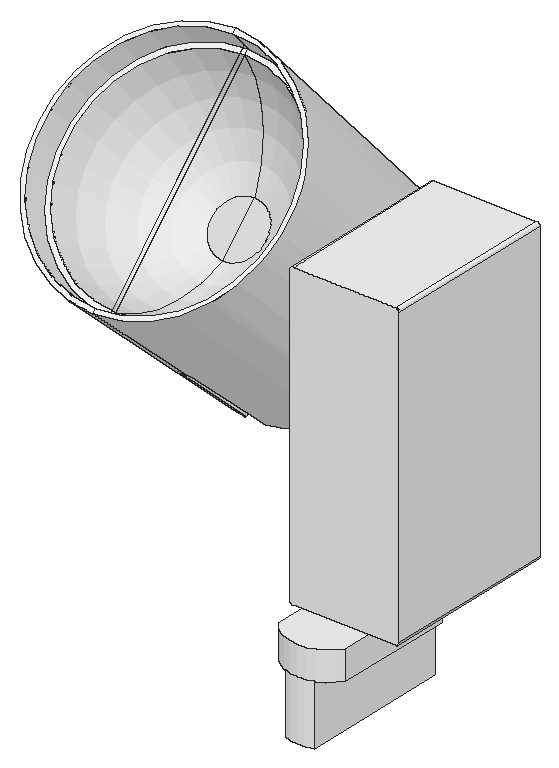
Revit family "0004937 Feilo Sylvania Lighting Fixture START TRACK SPOT L DALI 4897LM 940 MB WHT", category Lighting Fixtures, host Face, Revit 2017 (continued)
Definition of nested family "Start Track Spot Head"
  Types (96, lengths in mm): name | Wattage | built-in parameter 1150134 | Photometric Web File | Model | built-in parameter 1150105 | Lumens | built-in parameter 1150107 | built-in parameter 1150106 | HeadThickness_FEILO | HeadRibOffset_FEILO | HeadRibDepth_FEILO | HeadRibCutWidth_FEILO | HeadRibCutOffset_FEILO | HeadReflectorRadius_FEILO | HeadReflectorOffset_FEILO | HeadLEDRadius_FEILO | HeadHeight_FEILO | HeadDiffusorOffset_FEILO | HeadDiaOut_FEILO | HeadDiaIn_FEILO | HeadAxisFromTop_FEILO | Emit from Circle Diameter | built-in parameter 1150104 | Description | Apparent Load
    0004864 START TRACK SPOT S 24W 3K RA90 WB WHITE | 24 W | (empty or 0) | "0004864.ies" | "START TRACK SPOT S 24W 3K RA90 WB WHITE" | 152.79 (stored number, unit not read) | 1920 lm | 3000 (stored number, unit not read) | 1.5279 (stored number, unit not read) | 1.5 | 4.179 | 55.714 | 7.167 | 50.87 | 50.588 | 55.714 | 9.556 | 117 | 9.435 | 86 | 77.477 | 69.354 | 77.477 | 7.4322 (stored number, unit not read) | "Integrated LED spotlight, Textured White - RAL9016, compact and minimalist design, ideal for retail applications, die-cast aluminium body, passive cooling heatsink. Beam angle: 64°, color temperature: 3000K , total system power: 24W, total fixture output: 1928 lm, LOR: 100%, colour rendering: Ra: 90 typical, LED Chromaticity: 3 step MacAdam ellipse, lifetime: >50000 hours at L70B50, energy class: A++, A+, A, IR/UV free light source without heat radiation, operating voltage: 220-240V / 50-60Hz, drive current: 600mA, electronic driver, non-dimmable, power factor: 0.95, electrical protection: Class II, Global Track 3 Phase adapter suitable for Global trac 3-circuit tracks, ingress protection rating: IP20, suitable for internal environment only, horizontal rotation: 355°, vertical tilt: 90°, dimensions: Ø86x140x200, weight: 0.966kg." | 24 VA
    0004863 START TRACK SPOT S 24W 3K RA90 MB WHITE | 24 W | (empty or 0) | "0004863.ies" | "START TRACK SPOT S 24W 3K RA90 MB WHITE" | 154.7 (stored number, unit not read) | 1944 lm | 3000 (stored number, unit not read) | 1.547 (stored number, unit not read) | 1.5 | 4.179 | 55.714 | 7.167 | 50.87 | 50.588 | 55.714 | 9.556 | 117 | 9.435 | 86 | 77.477 | 69.354 | 77.477 | 7.5251 (stored number, unit not read) | "Integrated LED spotlight, Textured White - RAL9016, compact and minimalist design, ideal for retail applications, die-cast aluminium body, passive cooling heatsink. Beam angle: 36°, color temperature: 3000K , total system power: 24W, total fixture output: 1944 lm, LOR: 100%, colour rendering: Ra: 90 typical, LED Chromaticity: 3 step MacAdam ellipse, lifetime: >50000 hours at L70B50, energy class: A++, A+, A, IR/UV free light source without heat radiation, operating voltage: 220-240V / 50-60Hz, drive current: 600mA, electronic driver, non-dimmable, power factor: 0.95, electrical protection: Class II, Global Track 3 Phase adapter suitable for Global trac 3-circuit tracks, ingress protection rating: IP20, suitable for internal environment only, horizontal rotation: 355°, vertical tilt: 90°, dimensions: Ø86x140x200, weight: 0.966kg." | 24 VA
    0004862 START TRACK SPOT S 24W 3K RA90 NB WHITE | 24 W | (empty or 0) | "0004862.ies" | "START TRACK SPOT S 24W 3K RA90 NB WHITE" | 158.52 (stored number, unit not read) | 1992 lm | 3000 (stored number, unit not read) | 1.5852 (stored number, unit not read) | 1.5 | 4.179 | 55.714 | 7.167 | 50.87 | 50.588 | 55.714 | 9.556 | 117 | 9.435 | 86 | 77.477 | 69.354 | 77.477 | 7.711 (stored number, unit not read) | "Integrated LED spotlight, Textured White - RAL9016, compact and minimalist design, ideal for retail applications, die-cast aluminium body, passive cooling heatsink. Beam angle: 12°, color temperature: 3000K , total system power: 24W, total fixture output: 1987 lm, LOR: 100%, colour rendering: Ra: 90 typical, LED Chromaticity: 3 step MacAdam ellipse, lifetime: >50000 hours at L70B50, energy class: A++, A+, A, IR/UV free light source without heat radiation, operating voltage: 220-240V / 50-60Hz, drive current: 600mA, electronic driver, non-dimmable, power factor: 0.95, electrical protection: Class II, Global Track 3 Phase adapter suitable for Global trac 3-circuit tracks, ingress protection rating: IP20, suitable for internal environment only, horizontal rotation: 355°, vertical tilt: 90°, dimensions: Ø86x140x200, weight: 0.966kg." | 24 VA
    0004861 START TRACK SPOT S 14W 3K RA90 WB WHITE | 14 W | (empty or 0) | "0004861.ies" | "START TRACK SPOT S 14W 3K RA90 WB WHITE" | 100.27 (stored number, unit not read) | 1260 lm | 3000 (stored number, unit not read) | 1.0027 (stored number, unit not read) | 1.5 | 4.179 | 55.714 | 7.167 | 50.87 | 50.588 | 55.714 | 9.556 | 117 | 9.435 | 86 | 77.477 | 69.354 | 77.477 | 8.3613 (stored number, unit not read) | "Integrated LED spotlight, Textured White - RAL9016, compact and minimalist design, ideal for retail applications, die-cast aluminium body, passive cooling heatsink. Beam angle: 64°, color temperature: 3000K , total system power: 14W, total fixture output: 1262 lm, LOR: 100%, colour rendering: Ra: 90 typical, LED Chromaticity: 3 step MacAdam ellipse, lifetime: >50000 hours at L70B50, energy class: A++, A+, A, IR/UV free light source without heat radiation, operating voltage: 220-240V / 50-60Hz, drive current: 350mA, electronic driver, non-dimmable, power factor: 0.92, electrical protection: Class II, Global Track 3 Phase adapter suitable for Global trac 3-circuit tracks, ingress protection rating: IP20, suitable for internal environment only, horizontal rotation: 355°, vertical tilt: 90°, dimensions: Ø86x140x200, weight: 0.940kg." | 14 VA
    0004860 START TRACK SPOT S 14W 3K RA90 MB WHITE | 14 W | (empty or 0) | "0004860.ies" | "START TRACK SPOT S 14W 3K RA90 MB WHITE" | 100.27 (stored number, unit not read) | 1260 lm | 3000 (stored number, unit not read) | 1.0027 (stored number, unit not read) | 1.5 | 4.179 | 55.714 | 7.167 | 50.87 | 50.588 | 55.714 | 9.556 | 117 | 9.435 | 86 | 77.477 | 69.354 | 77.477 | 8.3613 (stored number, unit not read) | "Integrated LED spotlight, Textured White - RAL9016, compact and minimalist design, ideal for retail applications, die-cast aluminium body, passive cooling heatsink. Beam angle: 36°, color temperature: 3000K , total system power: 14W, total fixture output: 1262 lm, LOR: 100%, colour rendering: Ra: 90 typical, LED Chromaticity: 3 step MacAdam ellipse, lifetime: >50000 hours at L70B50, energy class: A++, A+, A, IR/UV free light source without heat radiation, operating voltage: 220-240V / 50-60Hz, drive current: 350mA, electronic driver, non-dimmable, power factor: 0.92, electrical protection: Class II, Global Track 3 Phase adapter suitable for Global trac 3-circuit tracks, ingress protection rating: IP20, suitable for internal environment only, horizontal rotation: 355°, vertical tilt: 90°, dimensions: Ø86x140x200, weight: 0.940kg." | 14 VA
    0004859 START TRACK SPOT S 14W 3K RA90 NB WHITE | 14 W | (empty or 0) | "0004859.ies" | "START TRACK SPOT S 14W 3K RA90 NB WHITE" | 102.5 (stored number, unit not read) | 1288 lm | 3000 (stored number, unit not read) | 1.025 (stored number, unit not read) | 1.5 | 4.179 | 55.714 | 7.167 | 50.87 | 50.588 | 55.714 | 9.556 | 117 | 9.435 | 86 | 77.477 | 69.354 | 77.477 | 8.5471 (stored number, unit not read) | "Integrated LED spotlight, Textured White - RAL9016, compact and minimalist design, ideal for retail applications, die-cast aluminium body, passive cooling heatsink. Beam angle: 12°, color temperature: 3000K , total system power: 14W, total fixture output: 1284 lm, LOR: 100%, colour rendering: Ra: 90 typical, LED Chromaticity: 3 step MacAdam ellipse, lifetime: >50000 hours at L70B50, energy class: A++, A+, A, IR/UV free light source without heat radiation, operating voltage: 220-240V / 50-60Hz, drive current: 350mA, electronic driver, non-dimmable, power factor: 0.92, electrical protection: Class II, Global Track 3 Phase adapter suitable for Global trac 3-circuit tracks, ingress protection rating: IP20, suitable for internal environment only, horizontal rotation: 355°, vertical tilt: 90°, dimensions: Ø86x140x200, weight: 0.940kg." | 14 VA
    0004858 START TRACK SPOT L 55W 4K RA80 WB BLACK | 55 W | 12 | "0004858.ies" | "START TRACK SPOT L 55W 4K RA80 WB BLACK" | 424.55 (stored number, unit not read) | 5335 lm | 4000 (stored number, unit not read) | 4.2455 (stored number, unit not read) | 2 | 4.429 | 59.048 | 9.417 | 53.913 | 66.471 | 59.048 | 12.556 | 124 | 10 | 113 | 101.802 | 73.503 | 101.802 | 9.0116 (stored number, unit not read) | "Integrated LED spotlight, Textured Black - RAL9005, compact and minimalist design, ideal for retail applications, die-cast aluminium body, passive cooling heatsink. Beam angle: 52°, color temperature: 4000K , total system power: 55W, total fixture output: 5320 lm, LOR: 100%, colour rendering: Ra: 80 typical, LED Chromaticity: 3 step MacAdam ellipse, lifetime: >50000 hours at L70B50, energy class: A++, A+, A, IR/UV free light source without heat radiation, operating voltage: 220-240V / 50-60Hz, drive current: 1400mA, electronic driver, non-dimmable, power factor: 0.96, electrical protection: Class II, Global Track 3 Phase adapter suitable for Global trac 3-circuit tracks, ingress protection rating: IP20, suitable for internal environment only, horizontal rotation: 355°, vertical tilt: 90°, dimensions: Ø113x164x240, weight: 1.398kg." | 55 VA
    0004857 START TRACK SPOT L 55W 4K RA80 MB BLACK | 55 W | 12 | "0004857.ies" | "START TRACK SPOT L 55W 4K RA80 MB BLACK" | 428.92 (stored number, unit not read) | 5390 lm | 4000 (stored number, unit not read) | 4.2892 (stored number, unit not read) | 2 | 4.429 | 59.048 | 9.417 | 53.913 | 66.471 | 59.048 | 12.556 | 124 | 10 | 113 | 101.802 | 73.503 | 101.802 | 9.1045 (stored number, unit not read) | "Integrated LED spotlight, Textured Black - RAL9005, compact and minimalist design, ideal for retail applications, die-cast aluminium body, passive cooling heatsink. Beam angle: 38°, color temperature: 4000K , total system power: 55W, total fixture output: 5378 lm, LOR: 100%, colour rendering: Ra: 80 typical, LED Chromaticity: 3 step MacAdam ellipse, lifetime: >50000 hours at L70B50, energy class: A++, A+, A, IR/UV free light source without heat radiation, operating voltage: 220-240V / 50-60Hz, drive current: 1400mA, electronic driver, non-dimmable, power factor: 0.96, electrical protection: Class II, Global Track 3 Phase adapter suitable for Global trac 3-circuit tracks, ingress protection rating: IP20, suitable for internal environment only, horizontal rotation: 355°, vertical tilt: 90°, dimensions: Ø113x164x240, weight: 1.398kg." | 55 VA
    0004856 START TRACK SPOT L 55W 4K RA80 NB BLACK | 55 W | 12 | "0004856.ies" | "START TRACK SPOT L 55W 4K RA80 NB BLACK" | 433.3 (stored number, unit not read) | 5445 lm | 4000 (stored number, unit not read) | 4.333 (stored number, unit not read) | 2 | 4.429 | 59.048 | 9.417 | 53.913 | 66.471 | 59.048 | 12.556 | 124 | 10 | 113 | 101.802 | 73.503 | 101.802 | 9.1974 (stored number, unit not read) | "Integrated LED spotlight, Textured Black - RAL9005, compact and minimalist design, ideal for retail applications, die-cast aluminium body, passive cooling heatsink. Beam angle: 15°, color temperature: 4000K , total system power: 55W, total fixture output: 5426 lm, LOR: 100%, colour rendering: Ra: 80 typical, LED Chromaticity: 3 step MacAdam ellipse, lifetime: >50000 hours at L70B50, energy class: A++, A+, A, IR/UV free light source without heat radiation, operating voltage: 220-240V / 50-60Hz, drive current: 1400mA, electronic driver, non-dimmable, power factor: 0.96, electrical protection: Class II, Global Track 3 Phase adapter suitable for Global trac 3-circuit tracks, ingress protection rating: IP20, suitable for internal environment only, horizontal rotation: 355°, vertical tilt: 90°, dimensions: Ø113x164x240, weight: 1.398kg." | 55 VA
    0004855 START TRACK SPOT L 35W 4K RA80 WB BLACK | 35 W | 12 | "0004855.ies" | "START TRACK SPOT L 35W 4K RA80 WB BLACK" | 320.3 (stored number, unit not read) | 4025 lm | 4000 (stored number, unit not read) | 3.203 (stored number, unit not read) | 2 | 4.429 | 59.048 | 9.417 | 53.913 | 66.471 | 59.048 | 12.556 | 124 | 10 | 113 | 101.802 | 73.503 | 101.802 | 10.684 (stored number, unit not read) | "Integrated LED spotlight, Textured Black - RAL9005, compact and minimalist design, ideal for retail applications, die-cast aluminium body, passive cooling heatsink. Beam angle: 52°, color temperature: 4000K , total system power: 35W, total fixture output: 4010 lm, LOR: 100%, colour rendering: Ra: 80 typical, LED Chromaticity: 3 step MacAdam ellipse, lifetime: >50000 hours at L70B50, energy class: A++, A+, A, IR/UV free light source without heat radiation, operating voltage: 220-240V / 50-60Hz, drive current: 900mA, electronic driver, non-dimmable, power factor: 0.93, electrical protection: Class II, Global Track 3 Phase adapter suitable for Global trac 3-circuit tracks, ingress protection rating: IP20, suitable for internal environment only, horizontal rotation: 355°, vertical tilt: 90°, dimensions: Ø113x164x240, weight: 1.368kg." | 35 VA
    0004854 START TRACK SPOT L 35W 4K RA80 MB BLACK | 35 W | 12 | "0004854.ies" | "START TRACK SPOT L 35W 4K RA80 MB BLACK" | 320.3 (stored number, unit not read) | 4025 lm | 4000 (stored number, unit not read) | 3.203 (stored number, unit not read) | 2 | 4.429 | 59.048 | 9.417 | 53.913 | 66.471 | 59.048 | 12.556 | 124 | 10 | 113 | 101.802 | 73.503 | 101.802 | 10.684 (stored number, unit not read) | "Integrated LED spotlight, Textured Black - RAL9005, compact and minimalist design, ideal for retail applications, die-cast aluminium body, passive cooling heatsink. Beam angle: 38°, color temperature: 4000K , total system power: 35W, total fixture output: 4017 lm, LOR: 100%, colour rendering: Ra: 80 typical, LED Chromaticity: 3 step MacAdam ellipse, lifetime: >50000 hours at L70B50, energy class: A++, A+, A, IR/UV free light source without heat radiation, operating voltage: 220-240V / 50-60Hz, drive current: 900mA, electronic driver, non-dimmable, power factor: 0.93, electrical protection: Class II, Global Track 3 Phase adapter suitable for Global trac 3-circuit tracks, ingress protection rating: IP20, suitable for internal environment only, horizontal rotation: 355°, vertical tilt: 90°, dimensions: Ø113x164x240, weight: 1.368kg." | 35 VA
    0004853 START TRACK SPOT L 35W 4K RA80 NB BLACK | 35 W | 12 | "0004853.ies" | "START TRACK SPOT L 35W 4K RA80 NB BLACK" | 331.44 (stored number, unit not read) | 4165 lm | 4000 (stored number, unit not read) | 3.3144 (stored number, unit not read) | 2 | 4.429 | 59.048 | 9.417 | 53.913 | 66.471 | 59.048 | 12.556 | 124 | 10 | 113 | 101.802 | 73.503 | 101.802 | 11.055 (stored number, unit not read) | "Integrated LED spotlight, Textured Black - RAL9005, compact and minimalist design, ideal for retail applications, die-cast aluminium body, passive cooling heatsink. Beam angle: 15°, color temperature: 4000K , total system power: 35W, total fixture output: 4174 lm, LOR: 100%, colour rendering: Ra: 80 typical, LED Chromaticity: 3 step MacAdam ellipse, lifetime: >50000 hours at L70B50, energy class: A++, A+, A, IR/UV free light source without heat radiation, operating voltage: 220-240V / 50-60Hz, drive current: 900mA, electronic driver, non-dimmable, power factor: 0.93, electrical protection: Class II, Global Track 3 Phase adapter suitable for Global trac 3-circuit tracks, ingress protection rating: IP20, suitable for internal environment only, horizontal rotation: 355°, vertical tilt: 90°, dimensions: Ø113x164x240, weight: 1.368kg." | 35 VA
    0004852 START TRACK SPOT S 24W 4K RA80 WB BLACK | 24 W | 12 | "0004852.ies" | "START TRACK SPOT S 24W 4K RA80 WB BLACK" | 196.72 (stored number, unit not read) | 2472 lm | 4000 (stored number, unit not read) | 1.9672 (stored number, unit not read) | 1.5 | 4.179 | 55.714 | 7.167 | 50.87 | 50.588 | 55.714 | 9.556 | 117 | 9.435 | 86 | 77.477 | 69.354 | 77.477 | 9.569 (stored number, unit not read) | "Integrated LED spotlight, Textured Black - RAL9005, compact and minimalist design, ideal for retail applications, die-cast aluminium body, passive cooling heatsink. Beam angle: 64°, color temperature: 4000K , total system power: 24W, total fixture output: 2476 lm, LOR: 100%, colour rendering: Ra: 80 typical, LED Chromaticity: 3 step MacAdam ellipse, lifetime: >50000 hours at L70B50, energy class: A++, A+, A, IR/UV free light source without heat radiation, operating voltage: 220-240V / 50-60Hz, drive current: 600mA, electronic driver, non-dimmable, power factor: 0.95, electrical protection: Class II, Global Track 3 Phase adapter suitable for Global trac 3-circuit tracks, ingress protection rating: IP20, suitable for internal environment only, horizontal rotation: 355°, vertical tilt: 90°, dimensions: Ø86x140x200, weight: 0.966kg." | 24 VA
    0004851 START TRACK SPOT S 24W 4K RA80 MB BLACK | 24 W | 12 | "0004851.ies" | "START TRACK SPOT S 24W 4K RA80 MB BLACK" | 198.63 (stored number, unit not read) | 2496 lm | 4000 (stored number, unit not read) | 1.9863 (stored number, unit not read) | 1.5 | 4.179 | 55.714 | 7.167 | 50.87 | 50.588 | 55.714 | 9.556 | 117 | 9.435 | 86 | 77.477 | 69.354 | 77.477 | 9.6619 (stored number, unit not read) | "Integrated LED spotlight, Textured Black - RAL9005, compact and minimalist design, ideal for retail applications, die-cast aluminium body, passive cooling heatsink. Beam angle: 36°, color temperature: 4000K , total system power: 24W, total fixture output: 2487 lm, LOR: 100%, colour rendering: Ra: 80 typical, LED Chromaticity: 3 step MacAdam ellipse, lifetime: >50000 hours at L70B50, energy class: A++, A+, A, IR/UV free light source without heat radiation, operating voltage: 220-240V / 50-60Hz, drive current: 600mA, electronic driver, non-dimmable, power factor: 0.95, electrical protection: Class II, Global Track 3 Phase adapter suitable for Global trac 3-circuit tracks, ingress protection rating: IP20, suitable for internal environment only, horizontal rotation: 355°, vertical tilt: 90°, dimensions: Ø86x140x200, weight: 0.966kg." | 24 VA
    0004850 START TRACK SPOT S 24W 4K RA80 NB BLACK | 24 W | 12 | "0004850.ies" | "START TRACK SPOT S 24W 4K RA80 NB BLACK" | 200.54 (stored number, unit not read) | 2520 lm | 4000 (stored number, unit not read) | 2.0054 (stored number, unit not read) | 1.5 | 4.179 | 55.714 | 7.167 | 50.87 | 50.588 | 55.714 | 9.556 | 117 | 9.435 | 86 | 77.477 | 69.354 | 77.477 | 9.7548 (stored number, unit not read) | "Integrated LED spotlight, Textured Black - RAL9005, compact and minimalist design, ideal for retail applications, die-cast aluminium body, passive cooling heatsink. Beam angle: 12°, color temperature: 4000K , total system power: 24W, total fixture output: 2529 lm, LOR: 100%, colour rendering: Ra: 80 typical, LED Chromaticity: 3 step MacAdam ellipse, lifetime: >50000 hours at L70B50, energy class: A++, A+, A, IR/UV free light source without heat radiation, operating voltage: 220-240V / 50-60Hz, drive current: 600mA, electronic driver, non-dimmable, power factor: 0.95, electrical protection: Class II, Global Track 3 Phase adapter suitable for Global trac 3-circuit tracks, ingress protection rating: IP20, suitable for internal environment only, horizontal rotation: 355°, vertical tilt: 90°, dimensions: Ø86x140x200, weight: 0.966kg." | 24 VA
    0004849 START TRACK SPOT S 14W 4K RA80 WB BLACK | 14 W | 12 | "0004849.ies" | "START TRACK SPOT S 14W 4K RA80 WB BLACK" | 123.66 (stored number, unit not read) | 1554 lm | 4000 (stored number, unit not read) | 1.2366 (stored number, unit not read) | 1.5 | 4.179 | 55.714 | 7.167 | 50.87 | 50.588 | 55.714 | 9.556 | 117 | 9.435 | 86 | 77.477 | 69.354 | 77.477 | 10.312 (stored number, unit not read) | "Integrated LED spotlight, Textured Black - RAL9005, compact and minimalist design, ideal for retail applications, die-cast aluminium body, passive cooling heatsink. Beam angle: 64°, color temperature: 4000K , total system power: 14W, total fixture output: 1558 lm, LOR: 100%, colour rendering: Ra: 80 typical, LED Chromaticity: 3 step MacAdam ellipse, lifetime: >50000 hours at L70B50, energy class: A++, A+, A, IR/UV free light source without heat radiation, operating voltage: 220-240V / 50-60Hz, drive current: 350mA, electronic driver, non-dimmable, power factor: 0.92, electrical protection: Class II, Global Track 3 Phase adapter suitable for Global trac 3-circuit tracks, ingress protection rating: IP20, suitable for internal environment only, horizontal rotation: 355°, vertical tilt: 90°, dimensions: Ø86x140x200, weight: 0.940kg." | 14 VA
    0004848 START TRACK SPOT S 14W 4K RA80 MB BLACK | 14 W | 12 | "0004848.ies" | "START TRACK SPOT S 14W 4K RA80 MB BLACK" | 127.01 (stored number, unit not read) | 1596 lm | 4000 (stored number, unit not read) | 1.2701 (stored number, unit not read) | 1.5 | 4.179 | 55.714 | 7.167 | 50.87 | 50.588 | 55.714 | 9.556 | 117 | 9.435 | 86 | 77.477 | 69.354 | 77.477 | 10.591 (stored number, unit not read) | "Integrated LED spotlight, Textured Black - RAL9005, compact and minimalist design, ideal for retail applications, die-cast aluminium body, passive cooling heatsink. Beam angle: 36°, color temperature: 4000K , total system power: 14W, total fixture output: 1598 lm, LOR: 100%, colour rendering: Ra: 80 typical, LED Chromaticity: 3 step MacAdam ellipse, lifetime: >50000 hours at L70B50, energy class: A++, A+, A, IR/UV free light source without heat radiation, operating voltage: 220-240V / 50-60Hz, drive current: 350mA, electronic driver, non-dimmable, power factor: 0.92, electrical protection: Class II, Global Track 3 Phase adapter suitable for Global trac 3-circuit tracks, ingress protection rating: IP20, suitable for internal environment only, horizontal rotation: 355°, vertical tilt: 90°, dimensions: Ø86x140x200, weight: 0.940kg." | 14 VA
    0004847 START TRACK SPOT S 14W 4K RA80 NB BLACK | 14 W | 12 | "0004847.ies" | "START TRACK SPOT S 14W 4K RA80 NB BLACK" | 128.12 (stored number, unit not read) | 1610 lm | 4000 (stored number, unit not read) | 1.2812 (stored number, unit not read) | 1.5 | 4.179 | 55.714 | 7.167 | 50.87 | 50.588 | 55.714 | 9.556 | 117 | 9.435 | 86 | 77.477 | 69.354 | 77.477 | 10.684 (stored number, unit not read) | "Integrated LED spotlight, Textured Black - RAL9005, compact and minimalist design, ideal for retail applications, die-cast aluminium body, passive cooling heatsink. Beam angle: 12°, color temperature: 4000K , total system power: 14W, total fixture output: 1608 lm, LOR: 100%, colour rendering: Ra: 80 typical, LED Chromaticity: 3 step MacAdam ellipse, lifetime: >50000 hours at L70B50, energy class: A++, A+, A, IR/UV free light source without heat radiation, operating voltage: 220-240V / 50-60Hz, drive current: 350mA, electronic driver, non-dimmable, power factor: 0.92, electrical protection: Class II, Global Track 3 Phase adapter suitable for Global trac 3-circuit tracks, ingress protection rating: IP20, suitable for internal environment only, horizontal rotation: 355°, vertical tilt: 90°, dimensions: Ø86x140x200, weight: 0.940kg." | 14 VA
    0004846 START TRACK SPOT L 55W 3K RA80 WB BLACK | 55 W | (empty or 0) | "0004846.ies" | "START TRACK SPOT L 55W 3K RA80 WB BLACK" | 420.17 (stored number, unit not read) | 5280 lm | 3000 (stored number, unit not read) | 4.2017 (stored number, unit not read) | 2 | 4.429 | 59.048 | 9.417 | 53.913 | 66.471 | 59.048 | 12.556 | 124 | 10 | 113 | 101.802 | 73.503 | 101.802 | 8.9187 (stored number, unit not read) | "Integrated LED spotlight, Textured Black - RAL9005, compact and minimalist design, ideal for retail applications, die-cast aluminium body, passive cooling heatsink. Beam angle: 52°, color temperature: 3000K , total system power: 55W, total fixture output: 5298 lm, LOR: 100%, colour rendering: Ra: 80 typical, LED Chromaticity: 3 step MacAdam ellipse, lifetime: >50000 hours at L70B50, energy class: A++, A+, A, IR/UV free light source without heat radiation, operating voltage: 220-240V / 50-60Hz, drive current: 1400mA, electronic driver, non-dimmable, power factor: 0.96, electrical protection: Class II, Global Track 3 Phase adapter suitable for Global trac 3-circuit tracks, ingress protection rating: IP20, suitable for internal environment only, horizontal rotation: 355°, vertical tilt: 90°, dimensions: Ø113x164x240, weight: 1.398kg." | 55 VA
    0004845 START TRACK SPOT L 55W 3K RA80 MB BLACK | 55 W | (empty or 0) | "0004845.ies" | "START TRACK SPOT L 55W 3K RA80 MB BLACK" | 428.92 (stored number, unit not read) | 5390 lm | 3000 (stored number, unit not read) | 4.2892 (stored number, unit not read) | 2 | 4.429 | 59.048 | 9.417 | 53.913 | 66.471 | 59.048 | 12.556 | 124 | 10 | 113 | 101.802 | 73.503 | 101.802 | 9.1045 (stored number, unit not read) | "Integrated LED spotlight, Textured Black - RAL9005, compact and minimalist design, ideal for retail applications, die-cast aluminium body, passive cooling heatsink. Beam angle: 38°, color temperature: 3000K , total system power: 55W, total fixture output: 5381 lm, LOR: 100%, colour rendering: Ra: 80 typical, LED Chromaticity: 3 step MacAdam ellipse, lifetime: >50000 hours at L70B50, energy class: A++, A+, A, IR/UV free light source without heat radiation, operating voltage: 220-240V / 50-60Hz, drive current: 1400mA, electronic driver, non-dimmable, power factor: 0.96, electrical protection: Class II, Global Track 3 Phase adapter suitable for Global trac 3-circuit tracks, ingress protection rating: IP20, suitable for internal environment only, horizontal rotation: 355°, vertical tilt: 90°, dimensions: Ø113x164x240, weight: 1.398kg." | 55 VA
    0004844 START TRACK SPOT L 55W 3K RA80 NB BLACK | 55 W | (empty or 0) | "0004844.ies" | "START TRACK SPOT L 55W 3K RA80 NB BLACK" | 433.3 (stored number, unit not read) | 5445 lm | 3000 (stored number, unit not read) | 4.333 (stored number, unit not read) | 2 | 4.429 | 59.048 | 9.417 | 53.913 | 66.471 | 59.048 | 12.556 | 124 | 10 | 113 | 101.802 | 73.503 | 101.802 | 9.1974 (stored number, unit not read) | "Integrated LED spotlight, Textured Black - RAL9005, compact and minimalist design, ideal for retail applications, die-cast aluminium body, passive cooling heatsink. Beam angle: 15°, color temperature: 3000K , total system power: 55W, total fixture output: 5449 lm, LOR: 100%, colour rendering: Ra: 80 typical, LED Chromaticity: 3 step MacAdam ellipse, lifetime: >50000 hours at L70B50, energy class: A++, A+, A, IR/UV free light source without heat radiation, operating voltage: 220-240V / 50-60Hz, drive current: 1400mA, electronic driver, non-dimmable, power factor: 0.96, electrical protection: Class II, Global Track 3 Phase adapter suitable for Global trac 3-circuit tracks, ingress protection rating: IP20, suitable for internal environment only, horizontal rotation: 355°, vertical tilt: 90°, dimensions: Ø113x164x240, weight: 1.398kg." | 55 VA
    0004843 START TRACK SPOT L 35W 3K RA80 WB BLACK | 35 W | (empty or 0) | "0004843.ies" | "START TRACK SPOT L 35W 3K RA80 WB BLACK" | 314.73 (stored number, unit not read) | 3955 lm | 3000 (stored number, unit not read) | 3.1473 (stored number, unit not read) | 2 | 4.429 | 59.048 | 9.417 | 53.913 | 66.471 | 59.048 | 12.556 | 124 | 10 | 113 | 101.802 | 73.503 | 101.802 | 10.498 (stored number, unit not read) | "Integrated LED spotlight, Textured Black - RAL9005, compact and minimalist design, ideal for retail applications, die-cast aluminium body, passive cooling heatsink. Beam angle: 52°, color temperature: 3000K , total system power: 35W, total fixture output: 3943 lm, LOR: 100%, colour rendering: Ra: 80 typical, LED Chromaticity: 3 step MacAdam ellipse, lifetime: >50000 hours at L70B50, energy class: A++, A+, A, IR/UV free light source without heat radiation, operating voltage: 220-240V / 50-60Hz, drive current: 900mA, electronic driver, non-dimmable, power factor: 0.93, electrical protection: Class II, Global Track 3 Phase adapter suitable for Global trac 3-circuit tracks, ingress protection rating: IP20, suitable for internal environment only, horizontal rotation: 355°, vertical tilt: 90°, dimensions: Ø113x164x240, weight: 1.368kg." | 35 VA
    0004842 START TRACK SPOT L 35W 3K RA80 MB BLACK | 35 W | (empty or 0) | "0004842.ies" | "START TRACK SPOT L 35W 3K RA80 MB BLACK" | 320.3 (stored number, unit not read) | 4025 lm | 3000 (stored number, unit not read) | 3.203 (stored number, unit not read) | 2 | 4.429 | 59.048 | 9.417 | 53.913 | 66.471 | 59.048 | 12.556 | 124 | 10 | 113 | 101.802 | 73.503 | 101.802 | 10.684 (stored number, unit not read) | "Integrated LED spotlight, Textured Black - RAL9005, compact and minimalist design, ideal for retail applications, die-cast aluminium body, passive cooling heatsink. Beam angle: 38°, color temperature: 3000K , total system power: 35W, total fixture output: 4008 lm, LOR: 100%, colour rendering: Ra: 80 typical, LED Chromaticity: 3 step MacAdam ellipse, lifetime: >50000 hours at L70B50, energy class: A++, A+, A, IR/UV free light source without heat radiation, operating voltage: 220-240V / 50-60Hz, drive current: 900mA, electronic driver, non-dimmable, power factor: 0.93, electrical protection: Class II, Global Track 3 Phase adapter suitable for Global trac 3-circuit tracks, ingress protection rating: IP20, suitable for internal environment only, horizontal rotation: 355°, vertical tilt: 90°, dimensions: Ø113x164x240, weight: 1.368kg." | 35 VA
    0004841 START TRACK SPOT L 35W 3K RA80 NB BLACK | 35 W | (empty or 0) | "0004841.ies" | "START TRACK SPOT L 35W 3K RA80 NB BLACK" | 317.51 (stored number, unit not read) | 3990 lm | 3000 (stored number, unit not read) | 3.1751 (stored number, unit not read) | 2 | 4.429 | 59.048 | 9.417 | 53.913 | 66.471 | 59.048 | 12.556 | 124 | 10 | 113 | 101.802 | 73.503 | 101.802 | 10.591 (stored number, unit not read) | "Integrated LED spotlight, Textured Black - RAL9005, compact and minimalist design, ideal for retail applications, die-cast aluminium body, passive cooling heatsink. Beam angle: 15°, color temperature: 3000K , total system power: 35W, total fixture output: 4005 lm, LOR: 100%, colour rendering: Ra: 80 typical, LED Chromaticity: 3 step MacAdam ellipse, lifetime: >50000 hours at L70B50, energy class: A++, A+, A, IR/UV free light source without heat radiation, operating voltage: 220-240V / 50-60Hz, drive current: 900mA, electronic driver, non-dimmable, power factor: 0.93, electrical protection: Class II, Global Track 3 Phase adapter suitable for Global trac 3-circuit tracks, ingress protection rating: IP20, suitable for internal environment only, horizontal rotation: 355°, vertical tilt: 90°, dimensions: Ø113x164x240, weight: 1.368kg." | 35 VA
    0004840 START TRACK SPOT S 24W 3K RA80 WB BLACK | 24 W | (empty or 0) | "0004840.ies" | "START TRACK SPOT S 24W 3K RA80 WB BLACK" | 185.26 (stored number, unit not read) | 2328 lm | 3000 (stored number, unit not read) | 1.8526 (stored number, unit not read) | 1.5 | 4.179 | 55.714 | 7.167 | 50.87 | 50.588 | 55.714 | 9.556 | 117 | 9.435 | 86 | 77.477 | 69.354 | 77.477 | 9.0116 (stored number, unit not read) | "Integrated LED spotlight, Textured Black - RAL9005, compact and minimalist design, ideal for retail applications, die-cast aluminium body, passive cooling heatsink. Beam angle: 64°, color temperature: 3000K , total system power: 24W, total fixture output: 2318 lm, LOR: 100%, colour rendering: Ra: 80 typical, LED Chromaticity: 3 step MacAdam ellipse, lifetime: >50000 hours at L70B50, energy class: A++, A+, A, IR/UV free light source without heat radiation, operating voltage: 220-240V / 50-60Hz, drive current: 600mA, electronic driver, non-dimmable, power factor: 0.95, electrical protection: Class II, Global Track 3 Phase adapter suitable for Global trac 3-circuit tracks, ingress protection rating: IP20, suitable for internal environment only, horizontal rotation: 355°, vertical tilt: 90°, dimensions: Ø86x140x200, weight: 0.966kg." | 24 VA
    0004839 START TRACK SPOT S 24W 3K RA80 MB BLACK | 24 W | (empty or 0) | "0004839.ies" | "START TRACK SPOT S 24W 3K RA80 MB BLACK" | 183.35 (stored number, unit not read) | 2304 lm | 3000 (stored number, unit not read) | 1.8335 (stored number, unit not read) | 1.5 | 4.179 | 55.714 | 7.167 | 50.87 | 50.588 | 55.714 | 9.556 | 117 | 9.435 | 86 | 77.477 | 69.354 | 77.477 | 8.9187 (stored number, unit not read) | "Integrated LED spotlight, Textured Black - RAL9005, compact and minimalist design, ideal for retail applications, die-cast aluminium body, passive cooling heatsink. Beam angle: 36°, color temperature: 3000K , total system power: 24W, total fixture output: 2314 lm, LOR: 100%, colour rendering: Ra: 80 typical, LED Chromaticity: 3 step MacAdam ellipse, lifetime: >50000 hours at L70B50, energy class: A++, A+, A, IR/UV free light source without heat radiation, operating voltage: 220-240V / 50-60Hz, drive current: 600mA, electronic driver, non-dimmable, power factor: 0.95, electrical protection: Class II, Global Track 3 Phase adapter suitable for Global trac 3-circuit tracks, ingress protection rating: IP20, suitable for internal environment only, horizontal rotation: 355°, vertical tilt: 90°, dimensions: Ø86x140x200, weight: 0.966kg." | 24 VA
    0004838 START TRACK SPOT S 24W 3K RA80 NB BLACK | 24 W | (empty or 0) | "0004838.ies" | "START TRACK SPOT S 24W 3K RA80 NB BLACK" | 185.26 (stored number, unit not read) | 2328 lm | 3000 (stored number, unit not read) | 1.8526 (stored number, unit not read) | 1.5 | 4.179 | 55.714 | 7.167 | 50.87 | 50.588 | 55.714 | 9.556 | 117 | 9.435 | 86 | 77.477 | 69.354 | 77.477 | 9.0116 (stored number, unit not read) | "Integrated LED spotlight, Textured Black - RAL9005, compact and minimalist design, ideal for retail applications, die-cast aluminium body, passive cooling heatsink. Beam angle: 12°, color temperature: 3000K , total system power: 24W, total fixture output: 2334 lm, LOR: 100%, colour rendering: Ra: 80 typical, LED Chromaticity: 3 step MacAdam ellipse, lifetime: >50000 hours at L70B50, energy class: A++, A+, A, IR/UV free light source without heat radiation, operating voltage: 220-240V / 50-60Hz, drive current: 600mA, electronic driver, non-dimmable, power factor: 0.95, electrical protection: Class II, Global Track 3 Phase adapter suitable for Global trac 3-circuit tracks, ingress protection rating: IP20, suitable for internal environment only, horizontal rotation: 355°, vertical tilt: 90°, dimensions: Ø86x140x200, weight: 0.966kg." | 24 VA
    0004837 START TRACK SPOT S 14W 3K RA80 WB BLACK | 14 W | (empty or 0) | "0004837.ies" | "START TRACK SPOT S 14W 3K RA80 WB BLACK" | 119.21 (stored number, unit not read) | 1498 lm | 3000 (stored number, unit not read) | 1.1921 (stored number, unit not read) | 1.5 | 4.179 | 55.714 | 7.167 | 50.87 | 50.588 | 55.714 | 9.556 | 117 | 9.435 | 86 | 77.477 | 69.354 | 77.477 | 9.9406 (stored number, unit not read) | "Integrated LED spotlight, Textured Black - RAL9005, compact and minimalist design, ideal for retail applications, die-cast aluminium body, passive cooling heatsink. Beam angle: 64°, color temperature: 3000K , total system power: 14W, total fixture output: 1498 lm, LOR: 100%, colour rendering: Ra: 80 typical, LED Chromaticity: 3 step MacAdam ellipse, lifetime: >50000 hours at L70B50, energy class: A++, A+, A, IR/UV free light source without heat radiation, operating voltage: 220-240V / 50-60Hz, drive current: 350mA, electronic driver, non-dimmable, power factor: 0.92, electrical protection: Class II, Global Track 3 Phase adapter suitable for Global trac 3-circuit tracks, ingress protection rating: IP20, suitable for internal environment only, horizontal rotation: 355°, vertical tilt: 90°, dimensions: Ø86x140x200, weight: 0.940kg." | 14 VA
    0004836 START TRACK SPOT S 14W 3K RA80 MB BLACK | 14 W | (empty or 0) | "0004836.ies" | "START TRACK SPOT S 14W 3K RA80 MB BLACK" | 120.32 (stored number, unit not read) | 1512 lm | 3000 (stored number, unit not read) | 1.2032 (stored number, unit not read) | 1.5 | 4.179 | 55.714 | 7.167 | 50.87 | 50.588 | 55.714 | 9.556 | 117 | 9.435 | 86 | 77.477 | 69.354 | 77.477 | 10.034 (stored number, unit not read) | "Integrated LED spotlight, Textured Black - RAL9005, compact and minimalist design, ideal for retail applications, die-cast aluminium body, passive cooling heatsink. Beam angle: 36°, color temperature: 3000K , total system power: 14W, total fixture output: 1508 lm, LOR: 100%, colour rendering: Ra: 80 typical, LED Chromaticity: 3 step MacAdam ellipse, lifetime: >50000 hours at L70B50, energy class: A++, A+, A, IR/UV free light source without heat radiation, operating voltage: 220-240V / 50-60Hz, drive current: 350mA, electronic driver, non-dimmable, power factor: 0.92, electrical protection: Class II, Global Track 3 Phase adapter suitable for Global trac 3-circuit tracks, ingress protection rating: IP20, suitable for internal environment only, horizontal rotation: 355°, vertical tilt: 90°, dimensions: Ø86x140x200, weight: 0.940kg." | 14 VA
    0004835 START TRACK SPOT S 14W 3K RA80 NB BLACK | 14 W | (empty or 0) | "0004835.ies" | "START TRACK SPOT S 14W 3K RA80 NB BLACK" | 123.66 (stored number, unit not read) | 1554 lm | 3000 (stored number, unit not read) | 1.2366 (stored number, unit not read) | 1.5 | 4.179 | 55.714 | 7.167 | 50.87 | 50.588 | 55.714 | 9.556 | 117 | 9.435 | 86 | 77.477 | 69.354 | 77.477 | 10.312 (stored number, unit not read) | "Integrated LED spotlight, Textured Black - RAL9005, compact and minimalist design, ideal for retail applications, die-cast aluminium body, passive cooling heatsink. Beam angle: 12°, color temperature: 3000K , total system power: 14W, total fixture output: 1551 lm, LOR: 100%, colour rendering: Ra: 80 typical, LED Chromaticity: 3 step MacAdam ellipse, lifetime: >50000 hours at L70B50, energy class: A++, A+, A, IR/UV free light source without heat radiation, operating voltage: 220-240V / 50-60Hz, drive current: 350mA, electronic driver, non-dimmable, power factor: 0.92, electrical protection: Class II, Global Track 3 Phase adapter suitable for Global trac 3-circuit tracks, ingress protection rating: IP20, suitable for internal environment only, horizontal rotation: 355°, vertical tilt: 90°, dimensions: Ø86x140x200, weight: 0.940kg." | 14 VA
    0004834 START TRACK SPOT L 55W 4K RA80 WB WHITE | 55 W | 12 | "0004834.ies" | "START TRACK SPOT L 55W 4K RA80 WB WHITE" | 424.55 (stored number, unit not read) | 5335 lm | 4000 (stored number, unit not read) | 4.2455 (stored number, unit not read) | 2 | 4.429 | 59.048 | 9.417 | 53.913 | 66.471 | 59.048 | 12.556 | 124 | 10 | 113 | 101.802 | 73.503 | 101.802 | 9.0116 (stored number, unit not read) | "Integrated LED spotlight, Textured White - RAL9016, compact and minimalist design, ideal for retail applications, die-cast aluminium body, passive cooling heatsink. Beam angle: 52°, color temperature: 4000K , total system power: 55W, total fixture output: 5320 lm, LOR: 100%, colour rendering: Ra: 80 typical, LED Chromaticity: 3 step MacAdam ellipse, lifetime: >50000 hours at L70B50, energy class: A++, A+, A, IR/UV free light source without heat radiation, operating voltage: 220-240V / 50-60Hz, drive current: 1400mA, electronic driver, non-dimmable, power factor: 0.96, electrical protection: Class II, Global Track 3 Phase adapter suitable for Global trac 3-circuit tracks, ingress protection rating: IP20, suitable for internal environment only, horizontal rotation: 355°, vertical tilt: 90°, dimensions: Ø113x164x240, weight: 1.398kg." | 55 VA
    0004833 START TRACK SPOT L 55W 4K RA80 MB WHITE | 55 W | 12 | "0004833.ies" | "START TRACK SPOT L 55W 4K RA80 MB WHITE" | 428.92 (stored number, unit not read) | 5390 lm | 4000 (stored number, unit not read) | 4.2892 (stored number, unit not read) | 2 | 4.429 | 59.048 | 9.417 | 53.913 | 66.471 | 59.048 | 12.556 | 124 | 10 | 113 | 101.802 | 73.503 | 101.802 | 9.1045 (stored number, unit not read) | "Integrated LED spotlight, Textured White - RAL9016, compact and minimalist design, ideal for retail applications, die-cast aluminium body, passive cooling heatsink. Beam angle: 38°, color temperature: 4000K , total system power: 55W, total fixture output: 5378 lm, LOR: 100%, colour rendering: Ra: 80 typical, LED Chromaticity: 3 step MacAdam ellipse, lifetime: >50000 hours at L70B50, energy class: A++, A+, A, IR/UV free light source without heat radiation, operating voltage: 220-240V / 50-60Hz, drive current: 1400mA, electronic driver, non-dimmable, power factor: 0.96, electrical protection: Class II, Global Track 3 Phase adapter suitable for Global trac 3-circuit tracks, ingress protection rating: IP20, suitable for internal environment only, horizontal rotation: 355°, vertical tilt: 90°, dimensions: Ø113x164x240, weight: 1.398kg." | 55 VA
    0004832 START TRACK SPOT L 55W 4K RA80 NB WHITE | 55 W | 12 | "0004832.ies" | "START TRACK SPOT L 55W 4K RA80 NB WHITE" | 433.3 (stored number, unit not read) | 5445 lm | 4000 (stored number, unit not read) | 4.333 (stored number, unit not read) | 2 | 4.429 | 59.048 | 9.417 | 53.913 | 66.471 | 59.048 | 12.556 | 124 | 10 | 113 | 101.802 | 73.503 | 101.802 | 9.1974 (stored number, unit not read) | "Integrated LED spotlight, Textured White - RAL9016, compact and minimalist design, ideal for retail applications, die-cast aluminium body, passive cooling heatsink. Beam angle: 15°, color temperature: 4000K , total system power: 55W, total fixture output: 5426 lm, LOR: 100%, colour rendering: Ra: 80 typical, LED Chromaticity: 3 step MacAdam ellipse, lifetime: >50000 hours at L70B50, energy class: A++, A+, A, IR/UV free light source without heat radiation, operating voltage: 220-240V / 50-60Hz, drive current: 1400mA, electronic driver, non-dimmable, power factor: 0.96, electrical protection: Class II, Global Track 3 Phase adapter suitable for Global trac 3-circuit tracks, ingress protection rating: IP20, suitable for internal environment only, horizontal rotation: 355°, vertical tilt: 90°, dimensions: Ø113x164x240, weight: 1.398kg." | 55 VA
    0004831 START TRACK SPOT L 35W 4K RA80 WB WHITE | 35 W | 12 | "0004831.ies" | "START TRACK SPOT L 35W 4K RA80 WB WHITE" | 320.3 (stored number, unit not read) | 4025 lm | 4000 (stored number, unit not read) | 3.203 (stored number, unit not read) | 2 | 4.429 | 59.048 | 9.417 | 53.913 | 66.471 | 59.048 | 12.556 | 124 | 10 | 113 | 101.802 | 73.503 | 101.802 | 10.684 (stored number, unit not read) | "Integrated LED spotlight, Textured White - RAL9016, compact and minimalist design, ideal for retail applications, die-cast aluminium body, passive cooling heatsink. Beam angle: 52°, color temperature: 4000K , total system power: 35W, total fixture output: 4010 lm, LOR: 100%, colour rendering: Ra: 80 typical, LED Chromaticity: 3 step MacAdam ellipse, lifetime: >50000 hours at L70B50, energy class: A++, A+, A, IR/UV free light source without heat radiation, operating voltage: 220-240V / 50-60Hz, drive current: 900mA, electronic driver, non-dimmable, power factor: 0.93, electrical protection: Class II, Global Track 3 Phase adapter suitable for Global trac 3-circuit tracks, ingress protection rating: IP20, suitable for internal environment only, horizontal rotation: 355°, vertical tilt: 90°, dimensions: Ø113x164x240, weight: 1.368kg." | 35 VA
    0004830 START TRACK SPOT L 35W 4K RA80 MB WHITE | 35 W | 12 | "0004830.ies" | "START TRACK SPOT L 35W 4K RA80 MB WHITE" | 320.3 (stored number, unit not read) | 4025 lm | 4000 (stored number, unit not read) | 3.203 (stored number, unit not read) | 2 | 4.429 | 59.048 | 9.417 | 53.913 | 66.471 | 59.048 | 12.556 | 124 | 10 | 113 | 101.802 | 73.503 | 101.802 | 10.684 (stored number, unit not read) | "Integrated LED spotlight, Textured White - RAL9016, compact and minimalist design, ideal for retail applications, die-cast aluminium body, passive cooling heatsink. Beam angle: 38°, color temperature: 4000K , total system power: 35W, total fixture output: 4017 lm, LOR: 100%, colour rendering: Ra: 80 typical, LED Chromaticity: 3 step MacAdam ellipse, lifetime: >50000 hours at L70B50, energy class: A++, A+, A, IR/UV free light source without heat radiation, operating voltage: 220-240V / 50-60Hz, drive current: 900mA, electronic driver, non-dimmable, power factor: 0.93, electrical protection: Class II, Global Track 3 Phase adapter suitable for Global trac 3-circuit tracks, ingress protection rating: IP20, suitable for internal environment only, horizontal rotation: 355°, vertical tilt: 90°, dimensions: Ø113x164x240, weight: 1.368kg." | 35 VA
    0004829 START TRACK SPOT L 35W 4K RA80 NB WHITE | 35 W | 12 | "0004829.ies" | "START TRACK SPOT L 35W 4K RA80 NB WHITE" | 331.44 (stored number, unit not read) | 4165 lm | 4000 (stored number, unit not read) | 3.3144 (stored number, unit not read) | 2 | 4.429 | 59.048 | 9.417 | 53.913 | 66.471 | 59.048 | 12.556 | 124 | 10 | 113 | 101.802 | 73.503 | 101.802 | 11.055 (stored number, unit not read) | "Integrated LED spotlight, Textured White - RAL9016, compact and minimalist design, ideal for retail applications, die-cast aluminium body, passive cooling heatsink. Beam angle: 15°, color temperature: 4000K , total system power: 35W, total fixture output: 4174 lm, LOR: 100%, colour rendering: Ra: 80 typical, LED Chromaticity: 3 step MacAdam ellipse, lifetime: >50000 hours at L70B50, energy class: A++, A+, A, IR/UV free light source without heat radiation, operating voltage: 220-240V / 50-60Hz, drive current: 900mA, electronic driver, non-dimmable, power factor: 0.93, electrical protection: Class II, Global Track 3 Phase adapter suitable for Global trac 3-circuit tracks, ingress protection rating: IP20, suitable for internal environment only, horizontal rotation: 355°, vertical tilt: 90°, dimensions: Ø113x164x240, weight: 1.368kg." | 35 VA
    0004828 START TRACK SPOT S 24W 4K RA80 WB WHITE | 24 W | 12 | "0004828.ies" | "START TRACK SPOT S 24W 4K RA80 WB WHITE" | 196.72 (stored number, unit not read) | 2472 lm | 4000 (stored number, unit not read) | 1.9672 (stored number, unit not read) | 1.5 | 4.179 | 55.714 | 7.167 | 50.87 | 50.588 | 55.714 | 9.556 | 117 | 9.435 | 86 | 77.477 | 69.354 | 77.477 | 9.569 (stored number, unit not read) | "Integrated LED spotlight, Textured White - RAL9016, compact and minimalist design, ideal for retail applications, die-cast aluminium body, passive cooling heatsink. Beam angle: 64°, color temperature: 4000K , total system power: 24W, total fixture output: 2476 lm, LOR: 100%, colour rendering: Ra: 80 typical, LED Chromaticity: 3 step MacAdam ellipse, lifetime: >50000 hours at L70B50, energy class: A++, A+, A, IR/UV free light source without heat radiation, operating voltage: 220-240V / 50-60Hz, drive current: 600mA, electronic driver, non-dimmable, power factor: 0.95, electrical protection: Class II, Global Track 3 Phase adapter suitable for Global trac 3-circuit tracks, ingress protection rating: IP20, suitable for internal environment only, horizontal rotation: 355°, vertical tilt: 90°, dimensions: Ø86x140x200, weight: 0.966kg." | 24 VA
    0004827 START TRACK SPOT S 24W 4K RA80 MB WHITE | 24 W | 12 | "0004827.ies" | "START TRACK SPOT S 24W 4K RA80 MB WHITE" | 198.63 (stored number, unit not read) | 2496 lm | 4000 (stored number, unit not read) | 1.9863 (stored number, unit not read) | 1.5 | 4.179 | 55.714 | 7.167 | 50.87 | 50.588 | 55.714 | 9.556 | 117 | 9.435 | 86 | 77.477 | 69.354 | 77.477 | 9.6619 (stored number, unit not read) | "Integrated LED spotlight, Textured White - RAL9016, compact and minimalist design, ideal for retail applications, die-cast aluminium body, passive cooling heatsink. Beam angle: 36°, color temperature: 4000K , total system power: 24W, total fixture output: 2487 lm, LOR: 100%, colour rendering: Ra: 80 typical, LED Chromaticity: 3 step MacAdam ellipse, lifetime: >50000 hours at L70B50, energy class: A++, A+, A, IR/UV free light source without heat radiation, operating voltage: 220-240V / 50-60Hz, drive current: 600mA, electronic driver, non-dimmable, power factor: 0.95, electrical protection: Class II, Global Track 3 Phase adapter suitable for Global trac 3-circuit tracks, ingress protection rating: IP20, suitable for internal environment only, horizontal rotation: 355°, vertical tilt: 90°, dimensions: Ø86x140x200, weight: 0.966kg." | 24 VA
    0004826 START TRACK SPOT S 24W 4K RA80 NB WHITE | 24 W | 12 | "0004826.ies" | "START TRACK SPOT S 24W 4K RA80 NB WHITE" | 200.54 (stored number, unit not read) | 2520 lm | 4000 (stored number, unit not read) | 2.0054 (stored number, unit not read) | 1.5 | 4.179 | 55.714 | 7.167 | 50.87 | 50.588 | 55.714 | 9.556 | 117 | 9.435 | 86 | 77.477 | 69.354 | 77.477 | 9.7548 (stored number, unit not read) | "Integrated LED spotlight, Textured White - RAL9016, compact and minimalist design, ideal for retail applications, die-cast aluminium body, passive cooling heatsink. Beam angle: 12°, color temperature: 4000K , total system power: 24W, total fixture output: 2529 lm, LOR: 100%, colour rendering: Ra: 80 typical, LED Chromaticity: 3 step MacAdam ellipse, lifetime: >50000 hours at L70B50, energy class: A++, A+, A, IR/UV free light source without heat radiation, operating voltage: 220-240V / 50-60Hz, drive current: 600mA, electronic driver, non-dimmable, power factor: 0.95, electrical protection: Class II, Global Track 3 Phase adapter suitable for Global trac 3-circuit tracks, ingress protection rating: IP20, suitable for internal environment only, horizontal rotation: 355°, vertical tilt: 90°, dimensions: Ø86x140x200, weight: 0.966kg." | 24 VA
    0004825 START TRACK SPOT S 14W 4K RA80 WB WHITE | 14 W | 12 | "0004825.ies" | "START TRACK SPOT S 14W 4K RA80 WB WHITE" | 123.66 (stored number, unit not read) | 1554 lm | 4000 (stored number, unit not read) | 1.2366 (stored number, unit not read) | 1.5 | 4.179 | 55.714 | 7.167 | 50.87 | 50.588 | 55.714 | 9.556 | 117 | 9.435 | 86 | 77.477 | 69.354 | 77.477 | 10.312 (stored number, unit not read) | "Integrated LED spotlight, Textured White - RAL9016, compact and minimalist design, ideal for retail applications, die-cast aluminium body, passive cooling heatsink. Beam angle: 64°, color temperature: 4000K , total system power: 14W, total fixture output: 1558 lm, LOR: 100%, colour rendering: Ra: 80 typical, LED Chromaticity: 3 step MacAdam ellipse, lifetime: >50000 hours at L70B50, energy class: A++, A+, A, IR/UV free light source without heat radiation, operating voltage: 220-240V / 50-60Hz, drive current: 350mA, electronic driver, non-dimmable, power factor: 0.92, electrical protection: Class II, Global Track 3 Phase adapter suitable for Global trac 3-circuit tracks, ingress protection rating: IP20, suitable for internal environment only, horizontal rotation: 355°, vertical tilt: 90°, dimensions: Ø86x140x200, weight: 0.940kg." | 14 VA
    0004824 START TRACK SPOT S 14W 4K RA80 MB WHITE | 14 W | 12 | "0004824.ies" | "START TRACK SPOT S 14W 4K RA80 MB WHITE" | 127.01 (stored number, unit not read) | 1596 lm | 4000 (stored number, unit not read) | 1.2701 (stored number, unit not read) | 1.5 | 4.179 | 55.714 | 7.167 | 50.87 | 50.588 | 55.714 | 9.556 | 117 | 9.435 | 86 | 77.477 | 69.354 | 77.477 | 10.591 (stored number, unit not read) | "Integrated LED spotlight, Textured White - RAL9016, compact and minimalist design, ideal for retail applications, die-cast aluminium body, passive cooling heatsink. Beam angle: 36°, color temperature: 4000K , total system power: 14W, total fixture output: 1598 lm, LOR: 100%, colour rendering: Ra: 80 typical, LED Chromaticity: 3 step MacAdam ellipse, lifetime: >50000 hours at L70B50, energy class: A++, A+, A, IR/UV free light source without heat radiation, operating voltage: 220-240V / 50-60Hz, drive current: 350mA, electronic driver, non-dimmable, power factor: 0.92, electrical protection: Class II, Global Track 3 Phase adapter suitable for Global trac 3-circuit tracks, ingress protection rating: IP20, suitable for internal environment only, horizontal rotation: 355°, vertical tilt: 90°, dimensions: Ø86x140x200, weight: 0.940kg." | 14 VA
    0004823 START TRACK SPOT S 14W 4K RA80 NB WHITE | 14 W | 12 | "0004823.ies" | "START TRACK SPOT S 14W 4K RA80 NB WHITE" | 128.12 (stored number, unit not read) | 1610 lm | 4000 (stored number, unit not read) | 1.2812 (stored number, unit not read) | 1.5 | 4.179 | 55.714 | 7.167 | 50.87 | 50.588 | 55.714 | 9.556 | 117 | 9.435 | 86 | 77.477 | 69.354 | 77.477 | 10.684 (stored number, unit not read) | "Integrated LED spotlight, Textured White - RAL9016, compact and minimalist design, ideal for retail applications, die-cast aluminium body, passive cooling heatsink. Beam angle: 12°, color temperature: 4000K , total system power: 14W, total fixture output: 1608 lm, LOR: 100%, colour rendering: Ra: 80 typical, LED Chromaticity: 3 step MacAdam ellipse, lifetime: >50000 hours at L70B50, energy class: A++, A+, A, IR/UV free light source without heat radiation, operating voltage: 220-240V / 50-60Hz, drive current: 350mA, electronic driver, non-dimmable, power factor: 0.92, electrical protection: Class II, Global Track 3 Phase adapter suitable for Global trac 3-circuit tracks, ingress protection rating: IP20, suitable for internal environment only, horizontal rotation: 355°, vertical tilt: 90°, dimensions: Ø86x140x200, weight: 0.940kg." | 14 VA
    0004822 START TRACK SPOT L 55W 3K RA80 WB WHITE | 55 W | (empty or 0) | "0004822.ies" | "START TRACK SPOT L 55W 3K RA80 WB WHITE" | 420.17 (stored number, unit not read) | 5280 lm | 3000 (stored number, unit not read) | 4.2017 (stored number, unit not read) | 2 | 4.429 | 59.048 | 9.417 | 53.913 | 66.471 | 59.048 | 12.556 | 124 | 10 | 113 | 101.802 | 73.503 | 101.802 | 8.9187 (stored number, unit not read) | "Integrated LED spotlight, Textured White - RAL9016, compact and minimalist design, ideal for retail applications, die-cast aluminium body, passive cooling heatsink. Beam angle: 52°, color temperature: 3000K , total system power: 55W, total fixture output: 5298 lm, LOR: 100%, colour rendering: Ra: 80 typical, LED Chromaticity: 3 step MacAdam ellipse, lifetime: >50000 hours at L70B50, energy class: A++, A+, A, IR/UV free light source without heat radiation, operating voltage: 220-240V / 50-60Hz, drive current: 1400mA, electronic driver, non-dimmable, power factor: 0.96, electrical protection: Class II, Global Track 3 Phase adapter suitable for Global trac 3-circuit tracks, ingress protection rating: IP20, suitable for internal environment only, horizontal rotation: 355°, vertical tilt: 90°, dimensions: Ø113x164x240, weight: 1.398kg." | 55 VA
    0004821 START TRACK SPOT L 55W 3K RA80 MB WHITE | 55 W | (empty or 0) | "0004821.ies" | "START TRACK SPOT L 55W 3K RA80 MB WHITE" | 428.92 (stored number, unit not read) | 5390 lm | 3000 (stored number, unit not read) | 4.2892 (stored number, unit not read) | 2 | 4.429 | 59.048 | 9.417 | 53.913 | 66.471 | 59.048 | 12.556 | 124 | 10 | 113 | 101.802 | 73.503 | 101.802 | 9.1045 (stored number, unit not read) | "Integrated LED spotlight, Textured White - RAL9016, compact and minimalist design, ideal for retail applications, die-cast aluminium body, passive cooling heatsink. Beam angle: 38°, color temperature: 3000K , total system power: 55W, total fixture output: 5381 lm, LOR: 100%, colour rendering: Ra: 80 typical, LED Chromaticity: 3 step MacAdam ellipse, lifetime: >50000 hours at L70B50, energy class: A++, A+, A, IR/UV free light source without heat radiation, operating voltage: 220-240V / 50-60Hz, drive current: 1400mA, electronic driver, non-dimmable, power factor: 0.96, electrical protection: Class II, Global Track 3 Phase adapter suitable for Global trac 3-circuit tracks, ingress protection rating: IP20, suitable for internal environment only, horizontal rotation: 355°, vertical tilt: 90°, dimensions: Ø113x164x240, weight: 1.398kg." | 55 VA
    0004820 START TRACK SPOT L 55W 3K RA80 NB WHITE | 55 W | (empty or 0) | "0004820.ies" | "START TRACK SPOT L 55W 3K RA80 NB WHITE" | 433.3 (stored number, unit not read) | 5445 lm | 3000 (stored number, unit not read) | 4.333 (stored number, unit not read) | 2 | 4.429 | 59.048 | 9.417 | 53.913 | 66.471 | 59.048 | 12.556 | 124 | 10 | 113 | 101.802 | 73.503 | 101.802 | 9.1974 (stored number, unit not read) | "Integrated LED spotlight, Textured White - RAL9016, compact and minimalist design, ideal for retail applications, die-cast aluminium body, passive cooling heatsink. Beam angle: 15°, color temperature: 3000K , total system power: 55W, total fixture output: 5449 lm, LOR: 100%, colour rendering: Ra: 80 typical, LED Chromaticity: 3 step MacAdam ellipse, lifetime: >50000 hours at L70B50, energy class: A++, A+, A, IR/UV free light source without heat radiation, operating voltage: 220-240V / 50-60Hz, drive current: 1400mA, electronic driver, non-dimmable, power factor: 0.96, electrical protection: Class II, Global Track 3 Phase adapter suitable for Global trac 3-circuit tracks, ingress protection rating: IP20, suitable for internal environment only, horizontal rotation: 355°, vertical tilt: 90°, dimensions: Ø113x164x240, weight: 1.398kg." | 55 VA
    0004819 START TRACK SPOT L 35W 3K RA80 WB WHITE | 35 W | (empty or 0) | "0004819.ies" | "START TRACK SPOT L 35W 3K RA80 WB WHITE" | 314.73 (stored number, unit not read) | 3955 lm | 3000 (stored number, unit not read) | 3.1473 (stored number, unit not read) | 2 | 4.429 | 59.048 | 9.417 | 53.913 | 66.471 | 59.048 | 12.556 | 124 | 10 | 113 | 101.802 | 73.503 | 101.802 | 10.498 (stored number, unit not read) | "Integrated LED spotlight, Textured White - RAL9016, compact and minimalist design, ideal for retail applications, die-cast aluminium body, passive cooling heatsink. Beam angle: 52°, color temperature: 3000K , total system power: 35W, total fixture output: 3943 lm, LOR: 100%, colour rendering: Ra: 80 typical, LED Chromaticity: 3 step MacAdam ellipse, lifetime: >50000 hours at L70B50, energy class: A++, A+, A, IR/UV free light source without heat radiation, operating voltage: 220-240V / 50-60Hz, drive current: 900mA, electronic driver, non-dimmable, power factor: 0.93, electrical protection: Class II, Global Track 3 Phase adapter suitable for Global trac 3-circuit tracks, ingress protection rating: IP20, suitable for internal environment only, horizontal rotation: 355°, vertical tilt: 90°, dimensions: Ø113x164x240, weight: 1.368kg." | 35 VA
    0004818 START TRACK SPOT L 35W 3K RA80 MB WHITE | 35 W | (empty or 0) | "0004818.ies" | "START TRACK SPOT L 35W 3K RA80 MB WHITE" | 320.3 (stored number, unit not read) | 4025 lm | 3000 (stored number, unit not read) | 3.203 (stored number, unit not read) | 2 | 4.429 | 59.048 | 9.417 | 53.913 | 66.471 | 59.048 | 12.556 | 124 | 10 | 113 | 101.802 | 73.503 | 101.802 | 10.684 (stored number, unit not read) | "Integrated LED spotlight, Textured White - RAL9016, compact and minimalist design, ideal for retail applications, die-cast aluminium body, passive cooling heatsink. Beam angle: 38°, color temperature: 3000K , total system power: 35W, total fixture output: 4008 lm, LOR: 100%, colour rendering: Ra: 80 typical, LED Chromaticity: 3 step MacAdam ellipse, lifetime: >50000 hours at L70B50, energy class: A++, A+, A, IR/UV free light source without heat radiation, operating voltage: 220-240V / 50-60Hz, drive current: 900mA, electronic driver, non-dimmable, power factor: 0.93, electrical protection: Class II, Global Track 3 Phase adapter suitable for Global trac 3-circuit tracks, ingress protection rating: IP20, suitable for internal environment only, horizontal rotation: 355°, vertical tilt: 90°, dimensions: Ø113x164x240, weight: 1.368kg." | 35 VA
    0004817 START TRACK SPOT L 35W 3K RA80 NB WHITE | 35 W | (empty or 0) | "0004817.ies" | "START TRACK SPOT L 35W 3K RA80 NB WHITE" | 317.51 (stored number, unit not read) | 3990 lm | 3000 (stored number, unit not read) | 3.1751 (stored number, unit not read) | 2 | 4.429 | 59.048 | 9.417 | 53.913 | 66.471 | 59.048 | 12.556 | 124 | 10 | 113 | 101.802 | 73.503 | 101.802 | 10.591 (stored number, unit not read) | "Integrated LED spotlight, Textured White - RAL9016, compact and minimalist design, ideal for retail applications, die-cast aluminium body, passive cooling heatsink. Beam angle: 15°, color temperature: 3000K , total system power: 35W, total fixture output: 4005 lm, LOR: 100%, colour rendering: Ra: 80 typical, LED Chromaticity: 3 step MacAdam ellipse, lifetime: >50000 hours at L70B50, energy class: A++, A+, A, IR/UV free light source without heat radiation, operating voltage: 220-240V / 50-60Hz, drive current: 900mA, electronic driver, non-dimmable, power factor: 0.93, electrical protection: Class II, Global Track 3 Phase adapter suitable for Global trac 3-circuit tracks, ingress protection rating: IP20, suitable for internal environment only, horizontal rotation: 355°, vertical tilt: 90°, dimensions: Ø113x164x240, weight: 1.368kg." | 35 VA
    0004816 START TRACK SPOT S 24W 3K RA80 WB WHITE | 24 W | (empty or 0) | "0004816.ies" | "START TRACK SPOT S 24W 3K RA80 WB WHITE" | 185.26 (stored number, unit not read) | 2328 lm | 3000 (stored number, unit not read) | 1.8526 (stored number, unit not read) | 1.5 | 4.179 | 55.714 | 7.167 | 50.87 | 50.588 | 55.714 | 9.556 | 117 | 9.435 | 86 | 77.477 | 69.354 | 77.477 | 9.0116 (stored number, unit not read) | "Integrated LED spotlight, Textured White - RAL9016, compact and minimalist design, ideal for retail applications, die-cast aluminium body, passive cooling heatsink. Beam angle: 64°, color temperature: 3000K , total system power: 24W, total fixture output: 2318 lm, LOR: 100%, colour rendering: Ra: 80 typical, LED Chromaticity: 3 step MacAdam ellipse, lifetime: >50000 hours at L70B50, energy class: A++, A+, A, IR/UV free light source without heat radiation, operating voltage: 220-240V / 50-60Hz, drive current: 600mA, electronic driver, non-dimmable, power factor: 0.95, electrical protection: Class II, Global Track 3 Phase adapter suitable for Global trac 3-circuit tracks, ingress protection rating: IP20, suitable for internal environment only, horizontal rotation: 355°, vertical tilt: 90°, dimensions: Ø86x140x200, weight: 0.966kg." | 24 VA
    0004815 START TRACK SPOT S 24W 3K RA80 MB WHITE | 24 W | (empty or 0) | "0004815.ies" | "START TRACK SPOT S 24W 3K RA80 MB WHITE" | 183.35 (stored number, unit not read) | 2304 lm | 3000 (stored number, unit not read) | 1.8335 (stored number, unit not read) | 1.5 | 4.179 | 55.714 | 7.167 | 50.87 | 50.588 | 55.714 | 9.556 | 117 | 9.435 | 86 | 77.477 | 69.354 | 77.477 | 8.9187 (stored number, unit not read) | "Integrated LED spotlight, Textured White - RAL9016, compact and minimalist design, ideal for retail applications, die-cast aluminium body, passive cooling heatsink. Beam angle: 36°, color temperature: 3000K , total system power: 24W, total fixture output: 2314 lm, LOR: 100%, colour rendering: Ra: 80 typical, LED Chromaticity: 3 step MacAdam ellipse, lifetime: >50000 hours at L70B50, energy class: A++, A+, A, IR/UV free light source without heat radiation, operating voltage: 220-240V / 50-60Hz, drive current: 600mA, electronic driver, non-dimmable, power factor: 0.95, electrical protection: Class II, Global Track 3 Phase adapter suitable for Global trac 3-circuit tracks, ingress protection rating: IP20, suitable for internal environment only, horizontal rotation: 355°, vertical tilt: 90°, dimensions: Ø86x140x200, weight: 0.966kg." | 24 VA
    0004814 START TRACK SPOT S 24W 3K RA80 NB WHITE | 24 W | (empty or 0) | "0004814.ies" | "START TRACK SPOT S 24W 3K RA80 NB WHITE" | 185.26 (stored number, unit not read) | 2328 lm | 3000 (stored number, unit not read) | 1.8526 (stored number, unit not read) | 1.5 | 4.179 | 55.714 | 7.167 | 50.87 | 50.588 | 55.714 | 9.556 | 117 | 9.435 | 86 | 77.477 | 69.354 | 77.477 | 9.0116 (stored number, unit not read) | "Integrated LED spotlight, Textured White - RAL9016, compact and minimalist design, ideal for retail applications, die-cast aluminium body, passive cooling heatsink. Beam angle: 12°, color temperature: 3000K , total system power: 24W, total fixture output: 2334 lm, LOR: 100%, colour rendering: Ra: 80 typical, LED Chromaticity: 3 step MacAdam ellipse, lifetime: >50000 hours at L70B50, energy class: A++, A+, A, IR/UV free light source without heat radiation, operating voltage: 220-240V / 50-60Hz, drive current: 600mA, electronic driver, non-dimmable, power factor: 0.95, electrical protection: Class II, Global Track 3 Phase adapter suitable for Global trac 3-circuit tracks, ingress protection rating: IP20, suitable for internal environment only, horizontal rotation: 355°, vertical tilt: 90°, dimensions: Ø86x140x200, weight: 0.966kg." | 24 VA
    0004813 START TRACK SPOT S 14W 3K RA80 WB WHITE | 14 W | (empty or 0) | "0004813.ies" | "START TRACK SPOT S 14W 3K RA80 WB WHITE" | 119.21 (stored number, unit not read) | 1498 lm | 3000 (stored number, unit not read) | 1.1921 (stored number, unit not read) | 1.5 | 4.179 | 55.714 | 7.167 | 50.87 | 50.588 | 55.714 | 9.556 | 117 | 9.435 | 86 | 77.477 | 69.354 | 77.477 | 9.9406 (stored number, unit not read) | "Integrated LED spotlight, Textured White - RAL9016, compact and minimalist design, ideal for retail applications, die-cast aluminium body, passive cooling heatsink. Beam angle: 64°, color temperature: 3000K , total system power: 14W, total fixture output: 1498 lm, LOR: 100%, colour rendering: Ra: 80 typical, LED Chromaticity: 3 step MacAdam ellipse, lifetime: >50000 hours at L70B50, energy class: A++, A+, A, IR/UV free light source without heat radiation, operating voltage: 220-240V / 50-60Hz, drive current: 350mA, electronic driver, non-dimmable, power factor: 0.92, electrical protection: Class II, Global Track 3 Phase adapter suitable for Global trac 3-circuit tracks, ingress protection rating: IP20, suitable for internal environment only, horizontal rotation: 355°, vertical tilt: 90°, dimensions: Ø86x140x200, weight: 0.940kg." | 14 VA
